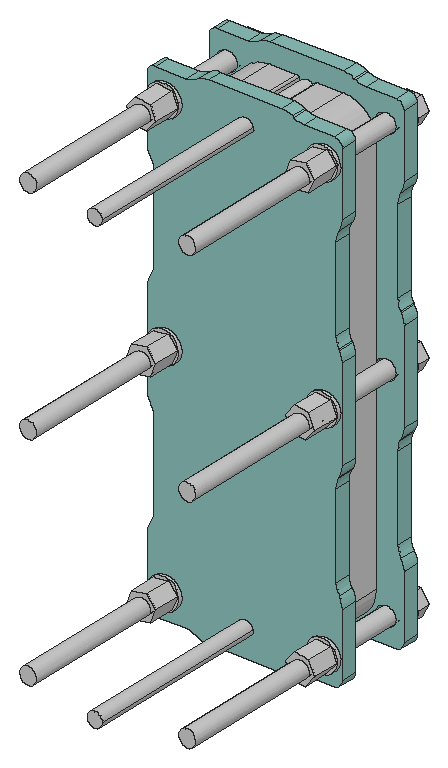
Revit family "Ekin_Endüstriyel - MIT505", category Specialty Equipment, Revit 2022
Family settings
  Round Connector Dimension = Use Diameter
  Part Type = Normal
  Work Plane-Based = No
  Always vertical = No
  Cut with Voids When Loaded = No
  Maintain Annotation Orientation = No
  Shared = No
  Room Calculation Point = No
Parameters (values of type "Threaded")
  URL = "https://en.ekinendustriyel.com/plate-heat-exchanger"
  Type Comments = ""
  Tightening Bolt [instance] = if(Design Pressure < 10.0 bar, 16.00 mm, 16.00 mm)  # 16.00 mm
  Thickness_of_Plate [instance] = 0.50 mm  # constant formula
  Number_of_Plate [instance] = 20
  Model = if(Hygienic, if(Design Pressure < 11.0 bar, "H12340000DD30L", if(Design Pressure < 16.0 bar, " H12340000DD30M", " H12340000DD30H")), if(Design Pressure < 10.0 bar, "E12340000DD30L", if(Design Pressure < 16.0 bar, " E12340000DD30M", " E12340000DD30H")))  # "E12340000DD30L"
  Material = Galvanized Steel- S235JR
  Manufacturer = "Ekin Endüstriyel"
  Lk [instance] = (Number_of_Plate) * ((Thickness_of_Plate) + 2.40 mm)  # 58.00 mm
  Lh [instance] = 477.00 mm  # constant formula
  Lf [instance] = 477.00 mm  # constant formula
  Lc [instance] = if(Number_of_Plate < 46, 250.00 mm, if(Number_of_Plate < 71, 350.00 mm, 500.00 mm))  # 250.00 mm
  La [instance] = 184.00 mm  # constant formula
  Keynote = ""
  Industrial = not(Hygienic)  # yes
  Hygienic = no
  Head & Follower Plate [instance] = if(Design Pressure < 10.0 bar, 15.00 mm, 20.00 mm)  # 15.00 mm
  Follower Plate [instance] = -(Head & Follower Plate)  # -15.00 mm
  Design Pressure = 6.89476 bar
  Description = if(Design Pressure < 10.0663 bar, "MIT - Heat Exchanger - 10 bar", if(Design Pressure < 15.9958 bar, " MIT - Heat Exchanger - 16 bar", " MIT - Heat Exchanger - 25 bar"))  # "MIT - Heat Exchanger - 10 bar"
  Default Elevation = 0.00 mm
Reference planes
  plane 1 "Center (Front/Back)": y = 0
  plane 2: z = 0
  plane 3 "Center (Left/Right)": x = 0
  plane 4: x = 1160
  plane 5: x = -1000
  plane 6 "2": y = -73
  plane 7 "1": y = -15
  plane 8 "3": y = -265
  plane 9 "Bolt End": y = 18.7
  plane 10: y = -250
Forms (mm)
  Extrusion 1, solid, material "Galvanized Steel", detail levels fine
    sketch origin (4.063, 0, 0) x (1, 0, 0) y (0, 0, 1)
      loop
        arc (87.937, 281.999) -> (87.255, 287.175) -> (85.257, 291.999) r 20
        line (85.257, 291.999) -> (84.616, 293.109)
        arc (84.616, 293.109) -> (82.618, 297.933) -> (81.937, 303.109) r 20
        line (81.937, 303.109) -> (81.937, 382.391)
        arc (81.937, 382.391) -> (82.704, 387.876) -> (84.946, 392.941) r 20
        arc (84.946, 392.941) -> (87.17, 398.016) -> (87.937, 403.501) r 20
        line (87.937, 403.501) -> (87.937, 463.5)
        arc (87.937, 463.5) -> (85.74, 468.803) -> (80.437, 471) r 7.5
        line (80.437, 471) -> (51.688, 471)
        arc (51.688, 471) -> (46.512, 471.681) -> (41.688, 473.679) r 20
        line (41.688, 473.679) -> (40.578, 474.321)
        arc (40.578, 474.321) -> (35.754, 476.319) -> (30.578, 477) r 20
        line (30.578, 477) -> (-38.704, 477)
        arc (-38.704, 477) -> (-43.88, 476.319) -> (-48.704, 474.321) r 20
        line (-48.704, 474.321) -> (-49.814, 473.679)
        arc (-49.814, 473.679) -> (-54.638, 471.681) -> (-59.814, 471) r 20
        line (-59.814, 471) -> (-88.563, 471)
        arc (-88.563, 471) -> (-93.866, 468.803) -> (-96.063, 463.5) r 7.5
        line (-96.063, 463.5) -> (-96.063, 403.501)
        arc (-96.063, 403.501) -> (-95.296, 398.016) -> (-93.054, 392.952) r 20
        arc (-93.054, 392.952) -> (-90.83, 387.876) -> (-90.063, 382.391) r 20
        line (-90.063, 382.391) -> (-90.063, 303.109)
        arc (-90.063, 303.109) -> (-90.745, 297.933) -> (-92.743, 293.109) r 20
        line (-92.743, 293.109) -> (-93.384, 291.999)
        arc (-93.384, 291.999) -> (-95.382, 287.175) -> (-96.063, 281.999) r 20
        line (-96.063, 281.999) -> (-96.063, 195.001)
        arc (-96.063, 195.001) -> (-95.382, 189.825) -> (-93.384, 185.001) r 20
        line (-93.384, 185.001) -> (-92.743, 183.891)
        arc (-92.743, 183.891) -> (-90.745, 179.067) -> (-90.063, 173.891) r 20
        line (-90.063, 173.891) -> (-90.063, 94.609)
        arc (-90.063, 94.609) -> (-90.83, 89.124) -> (-93.072, 84.059) r 20
        arc (-93.072, 84.059) -> (-95.296, 78.984) -> (-96.063, 73.499) r 20
        line (-96.063, 73.499) -> (-96.063, 13.5)
        arc (-96.063, 13.5) -> (-93.866, 8.197) -> (-88.563, 6) r 7.5
        line (-88.563, 6) -> (-59.814, 6)
        arc (-59.814, 6) -> (-54.638, 5.319) -> (-49.814, 3.321) r 20
        line (-49.814, 3.321) -> (-48.704, 2.679)
        arc (-48.704, 2.679) -> (-43.88, 0.681) -> (-38.704, 0) r 20
        line (-38.704, 0) -> (30.578, 0)
        arc (30.578, 0) -> (35.754, 0.681) -> (40.578, 2.679) r 20
        line (40.578, 2.679) -> (41.688, 3.321)
        arc (41.688, 3.321) -> (46.512, 5.319) -> (51.688, 6) r 20
        line (51.688, 6) -> (80.437, 6)
        arc (80.437, 6) -> (85.74, 8.197) -> (87.937, 13.5) r 7.5
        line (87.937, 13.5) -> (87.937, 73.499)
        arc (87.937, 73.499) -> (87.17, 78.984) -> (84.928, 84.048) r 20
        arc (84.928, 84.048) -> (82.704, 89.124) -> (81.937, 94.609) r 20
        line (81.937, 94.609) -> (81.937, 173.891)
        arc (81.937, 173.891) -> (82.618, 179.067) -> (84.616, 183.891) r 20
        line (84.616, 183.891) -> (85.257, 185.001)
        arc (85.257, 185.001) -> (87.255, 189.825) -> (87.937, 195.001) r 20
        line (87.937, 195.001) -> (87.937, 281.999)
      loop
        circle (70.937, 447) r 9.5
      loop
        circle (70.937, 238.5) r 9.5
      loop
        circle (70.937, 30) r 9.5
      loop
        circle (-4.063, 26) r 7
      loop
        circle (-4.063, 451) r 7
      loop
        circle (25.687, 417) r 21.25
      loop
        circle (25.687, 60) r 21.25
      loop
        circle (-79.063, 447) r 9.5
      loop
        circle (-79.063, 238.5) r 9.5
      loop
        circle (-79.063, 30) r 9.5
      loop
        circle (-33.813, 417) r 21.25
      loop
        circle (-33.813, 60) r 21.25
    from 0 to 15
  Extrusion 2, solid, material "Galvanized Steel", detail levels fine
    sketch origin (4.063, -73, 0) x (-1, 0, 0) y (0, 0, 1)
      loop
        line (-87.937, 281.999) -> (-87.937, 195.001)
        arc (-87.937, 195.001) -> (-87.255, 189.825) -> (-85.257, 185.001) r 20
        line (-85.257, 185.001) -> (-84.616, 183.891)
        arc (-84.616, 183.891) -> (-82.618, 179.067) -> (-81.937, 173.891) r 20
        line (-81.937, 173.891) -> (-81.937, 94.609)
        arc (-81.937, 94.609) -> (-82.704, 89.124) -> (-84.928, 84.048) r 20
        arc (-84.928, 84.048) -> (-87.17, 78.984) -> (-87.937, 73.499) r 20
        line (-87.937, 73.499) -> (-87.937, 13.5)
        arc (-87.937, 13.5) -> (-85.74, 8.197) -> (-80.437, 6) r 7.5
        line (-80.437, 6) -> (-51.688, 6)
        arc (-51.688, 6) -> (-46.512, 5.319) -> (-41.688, 3.321) r 20
        line (-41.688, 3.321) -> (-40.578, 2.679)
        arc (-40.578, 2.679) -> (-35.754, 0.681) -> (-30.578, 0) r 20
        line (-30.578, 0) -> (38.704, 0)
        arc (38.704, 0) -> (43.88, 0.681) -> (48.704, 2.679) r 20
        line (48.704, 2.679) -> (49.814, 3.321)
        arc (49.814, 3.321) -> (54.638, 5.319) -> (59.814, 6) r 20
        line (59.814, 6) -> (88.563, 6)
        arc (88.563, 6) -> (93.866, 8.197) -> (96.063, 13.5) r 7.5
        line (96.063, 13.5) -> (96.063, 73.499)
        arc (96.063, 73.499) -> (95.296, 78.984) -> (93.072, 84.059) r 20
        arc (93.072, 84.059) -> (90.83, 89.124) -> (90.063, 94.609) r 20
        line (90.063, 94.609) -> (90.063, 173.891)
        arc (90.063, 173.891) -> (90.745, 179.067) -> (92.743, 183.891) r 20
        line (92.743, 183.891) -> (93.384, 185.001)
        arc (93.384, 185.001) -> (95.382, 189.825) -> (96.063, 195.001) r 20
        line (96.063, 195.001) -> (96.063, 281.999)
        arc (96.063, 281.999) -> (95.382, 287.175) -> (93.384, 291.999) r 20
        line (93.384, 291.999) -> (92.743, 293.109)
        arc (92.743, 293.109) -> (90.745, 297.933) -> (90.063, 303.109) r 20
        line (90.063, 303.109) -> (90.063, 382.391)
        arc (90.063, 382.391) -> (90.83, 387.876) -> (93.054, 392.952) r 20
        arc (93.054, 392.952) -> (95.296, 398.016) -> (96.063, 403.501) r 20
        line (96.063, 403.501) -> (96.063, 463.5)
        arc (96.063, 463.5) -> (93.866, 468.803) -> (88.563, 471) r 7.5
        line (88.563, 471) -> (59.814, 471)
        arc (59.814, 471) -> (54.638, 471.681) -> (49.814, 473.679) r 20
        line (49.814, 473.679) -> (48.704, 474.321)
        arc (48.704, 474.321) -> (43.88, 476.319) -> (38.704, 477) r 20
        line (38.704, 477) -> (-30.578, 477)
        arc (-30.578, 477) -> (-35.754, 476.319) -> (-40.578, 474.321) r 20
        line (-40.578, 474.321) -> (-41.688, 473.679)
        arc (-41.688, 473.679) -> (-46.512, 471.681) -> (-51.688, 471) r 20
        line (-51.688, 471) -> (-80.437, 471)
        arc (-80.437, 471) -> (-85.74, 468.803) -> (-87.937, 463.5) r 7.5
        line (-87.937, 463.5) -> (-87.937, 403.501)
        arc (-87.937, 403.501) -> (-87.17, 398.016) -> (-84.946, 392.941) r 20
        arc (-84.946, 392.941) -> (-82.704, 387.876) -> (-81.937, 382.391) r 20
        line (-81.937, 382.391) -> (-81.937, 303.109)
        arc (-81.937, 303.109) -> (-82.618, 297.933) -> (-84.616, 293.109) r 20
        line (-84.616, 293.109) -> (-85.257, 291.999)
        arc (-85.257, 291.999) -> (-87.255, 287.175) -> (-87.937, 281.999) r 20
      loop
        circle (-70.937, 447) r 9.5
      loop
        circle (-70.937, 238.5) r 9.5
      loop
        circle (-70.937, 30) r 9.5
      loop
        circle (4.063, 26) r 7
      loop
        circle (4.063, 451) r 7
      loop
        circle (79.063, 447) r 9.5
      loop
        circle (79.063, 238.5) r 9.5
      loop
        circle (79.063, 30) r 9.5
    from 0 to -15 <- "Follower Plate"
  Extrusion 3, solid, material "AISI 316L/Titanium/Hastelloy", detail levels fine
    sketch origin (0, -15, 0) x (-1, 0, 0) y (0, 0, 1)
      loop
        line (-10, 458.5) -> (-35, 458.5)
        arc (-35, 458.5) -> (-56.213, 449.713) -> (-65, 428.5) r 30
        line (-65, 428.5) -> (-65, 48.5)
        arc (-65, 48.5) -> (-56.213, 27.287) -> (-35, 18.5) r 30
        line (-35, 18.5) -> (-10, 18.5)
        arc (-10, 18.5) -> (-8.586, 19.086) -> (-8, 20.5) r 2
        line (-8, 20.5) -> (-8, 26)
        arc (-8, 26) -> (0, 34) -> (8, 26) r 8
        line (8, 26) -> (8, 20.5)
        arc (8, 20.5) -> (8.586, 19.086) -> (10, 18.5) r 2
        line (10, 18.5) -> (35, 18.5)
        arc (35, 18.5) -> (56.213, 27.287) -> (65, 48.5) r 30
        line (65, 48.5) -> (65, 428.5)
        arc (65, 428.5) -> (56.213, 449.713) -> (35, 458.5) r 30
        line (35, 458.5) -> (10, 458.5)
        arc (10, 458.5) -> (8.586, 457.914) -> (8, 456.5) r 2
        line (8, 456.5) -> (8, 451)
        arc (8, 451) -> (0, 443) -> (-8, 451) r 8
        line (-8, 451) -> (-8, 456.5)
        arc (-8, 456.5) -> (-8.586, 457.914) -> (-10, 458.5) r 2
    from 0 to -58
  Extrusion 4, solid, material "Galvanized Steel- S235JR"
    sketch origin (0, 0, 0) x (1, 0, 0) y (0, 0, 1)
      loop
        circle (0, 451) r 7
      loop
        circle (0, 26) r 7
    from 0 to 265
  Extrusion 5, solid, material "Galvanized Steel- S235JR"
    sketch origin (0, 0, 0) x (1, 0, 0) y (0, 0, 1)
      loop
        circle (75, 447) r 8
      loop
        circle (-75, 447) r 8
      loop
        arc (78.932, 23.033) -> (68.054, 26.031) -> (70.994, 36.925) r 8
        arc (70.994, 36.925) -> (81.888, 33.993) -> (78.952, 23.1) r 7.976
      loop
        arc (-78.952, 36.9) -> (-68.063, 33.965) -> (-70.994, 23.075) r 7.976
        arc (-70.994, 23.075) -> (-81.946, 26.031) -> (-78.932, 36.967) r 8
      loop
        arc (78.932, 231.533) -> (68.054, 234.531) -> (70.994, 245.425) r 8
        arc (70.994, 245.425) -> (81.888, 242.493) -> (78.952, 231.6) r 7.976
      loop
        arc (-78.952, 245.4) -> (-68.063, 242.465) -> (-70.994, 231.575) r 7.976
        arc (-70.994, 231.575) -> (-81.946, 234.531) -> (-78.932, 245.467) r 8
    from 0 to 250
  Extrusion 6, solid, material "Galvanized Steel- S235JR", detail levels medium+fine
    sketch origin (0, 0, 0) x (1, 0, 0) y (0, 0, 1)
      loop
        circle (-75, 238.5) r 15
      loop
        circle (75, 30) r 15
      loop
        circle (-75, 30) r 15
      loop
        circle (75, 447) r 15
      loop
        circle (-75, 447) r 15
      loop
        circle (75, 238.5) r 15
    from 0 to -3.2
  Extrusion 7, solid, material "Galvanized Steel- S235JR", detail levels fine
    sketch origin (4.063, -88, 0) x (1, 0, 0) y (0, 0, 1)
      loop
        line (84.653, 448.964) -> (76.094, 459.861) -> (62.377, 457.897) -> (57.221, 445.036) -> (65.78, 434.139) -> (79.496, 436.103) -> (84.653, 448.964)
      loop
        line (-92.779, 448.964) -> (-87.623, 436.103) -> (-73.906, 434.139) -> (-65.347, 445.036) -> (-70.504, 457.897) -> (-84.22, 459.861) -> (-92.779, 448.964)
      loop
        line (84.653, 28.036) -> (79.496, 40.897) -> (65.78, 42.861) -> (57.221, 31.964) -> (62.377, 19.103) -> (76.094, 17.139) -> (84.653, 28.036)
      loop
        line (-92.779, 28.036) -> (-84.22, 17.139) -> (-70.504, 19.103) -> (-65.347, 31.964) -> (-73.906, 42.861) -> (-87.623, 40.897) -> (-92.779, 28.036)
      loop
        line (84.653, 236.536) -> (79.496, 249.397) -> (65.78, 251.361) -> (57.221, 240.464) -> (62.377, 227.603) -> (76.094, 225.639) -> (84.653, 236.536)
      loop
        line (-92.779, 236.536) -> (-84.22, 225.639) -> (-70.504, 227.603) -> (-65.347, 240.464) -> (-73.906, 251.361) -> (-87.623, 249.397) -> (-92.779, 236.536)
    from 3.2 to 28.7
  Extrusion 8, solid, material "Galvanized Steel- S235JR", detail levels fine
    sketch origin (4.063, -88, 0) x (1, 0, 0) y (0, 0, 1)
      loop
        circle (70.937, 447) r 15
      loop
        circle (70.937, 30) r 15
      loop
        circle (-79.063, 30) r 15
      loop
        circle (-79.063, 238.5) r 15
      loop
        circle (-79.063, 447) r 15
      loop
        circle (70.937, 238.5) r 15
    from 3.2 to 0
  Extrusion 9, solid, material "Galvanized Steel- S235JR", detail levels medium+fine
    sketch origin (0, 0, 0) x (1, 0, 0) y (0, 0, 1)
      loop
        line (82.045, 458.932) -> (68.189, 459.067) -> (61.144, 447.135) -> (67.955, 435.068) -> (81.811, 434.933) -> (88.856, 446.865) -> (82.045, 458.932)
      loop
        line (-82.045, 458.932) -> (-88.856, 446.865) -> (-81.811, 434.933) -> (-67.955, 435.068) -> (-61.144, 447.135) -> (-68.189, 459.067) -> (-82.045, 458.932)
      loop
        line (82.045, 18.068) -> (88.856, 30.135) -> (81.811, 42.067) -> (67.955, 41.932) -> (61.144, 29.865) -> (68.189, 17.933) -> (82.045, 18.068)
      loop
        line (-82.045, 18.068) -> (-68.189, 17.933) -> (-61.144, 29.865) -> (-67.955, 41.932) -> (-81.811, 42.067) -> (-88.856, 30.135) -> (-82.045, 18.068)
      loop
        line (82.045, 226.535) -> (88.856, 238.602) -> (81.811, 250.534) -> (67.955, 250.399) -> (61.144, 238.332) -> (68.189, 226.4) -> (82.045, 226.535)
      loop
        line (-82.045, 226.535) -> (-68.189, 226.4) -> (-61.144, 238.332) -> (-67.955, 250.399) -> (-81.811, 250.534) -> (-88.856, 238.602) -> (-82.045, 226.535)
    from -17.7 to -3.2
  Revolve 10, solid, material "Painted Stell", detail levels fine
    sketch origin (4.75, -12.95, 417) x (1, 0, 0) y (0, 1, 0)
      loop
        line (45.503, 47.89) -> (43.573, 47.89) -> (42.376, 45.07) -> (42.376, -2.05) -> (40.74, -2.05) -> (40.74, -60.05) -> (46.201, -60.05) -> (46.201, 28.39) -> (45.611, 28.903) -> (46.201, 29.416) -> (45.611, 29.929) -> (46.201, 30.442) -> (45.611, 30.955) -> (46.201, 31.468) -> (45.611, 31.98) -> (46.201, 32.493) -> (45.611, 33.006) -> (46.201, 33.519) -> (45.611, 34.032) -> (46.201, 34.545) -> (45.611, 35.178) -> (46.201, 35.691) -> (45.611, 36.204) -> (46.201, 36.716) -> (45.611, 37.229) -> (46.201, 37.742) -> (45.611, 38.255) -> (46.201, 38.768) -> (45.611, 39.281) -> (46.201, 39.794) -> (45.611, 40.307) -> (46.201, 40.82) -> (45.611, 41.333) -> (46.201, 41.845) -> (45.611, 42.358) -> (46.201, 42.871) -> (45.611, 43.384) -> (46.201, 43.897) -> (45.611, 44.41) -> (46.201, 44.923) -> (45.611, 45.436) -> (46.201, 45.949) -> (45.611, 46.462) -> (46.201, 47.116) -> (45.503, 47.89)
      axis (25, -60.05) -> (25, 47.89)
    angle from 0 to 360
  Revolve 11, solid, material "Painted Stell", detail levels fine
    sketch origin (-4.75, -12.95, 417) x (-1, 0, 0) y (0, -1, 0)
      loop
        line (45.503, -47.89) -> (46.201, -47.116) -> (45.611, -46.462) -> (46.201, -45.949) -> (45.611, -45.436) -> (46.201, -44.923) -> (45.611, -44.41) -> (46.201, -43.897) -> (45.611, -43.384) -> (46.201, -42.871) -> (45.611, -42.358) -> (46.201, -41.845) -> (45.611, -41.333) -> (46.201, -40.82) -> (45.611, -40.307) -> (46.201, -39.794) -> (45.611, -39.281) -> (46.201, -38.768) -> (45.611, -38.255) -> (46.201, -37.742) -> (45.611, -37.229) -> (46.201, -36.716) -> (45.611, -36.204) -> (46.201, -35.691) -> (45.611, -35.178) -> (46.201, -34.545) -> (45.611, -34.032) -> (46.201, -33.519) -> (45.611, -33.006) -> (46.201, -32.493) -> (45.611, -31.98) -> (46.201, -31.468) -> (45.611, -30.955) -> (46.201, -30.442) -> (45.611, -29.929) -> (46.201, -29.416) -> (45.611, -28.903) -> (46.201, -28.39) -> (46.201, 60.05) -> (40.74, 60.05) -> (40.74, 2.05) -> (42.376, 2.05) -> (42.376, -45.07) -> (43.573, -47.89) -> (45.503, -47.89)
      axis (25, 60.05) -> (25, -47.89)
    angle from 0 to 360
  Revolve 12, solid, material "Painted Stell", detail levels fine
    sketch origin (4.75, -12.95, 60) x (0, -1, 0) y (1, 0, 0)
      loop
        line (-47.89, 45.503) -> (-47.89, 43.573) -> (-45.07, 42.376) -> (2.05, 42.376) -> (2.05, 40.74) -> (60.05, 40.74) -> (60.05, 46.201) -> (-28.39, 46.201) -> (-28.903, 45.611) -> (-29.416, 46.201) -> (-29.929, 45.611) -> (-30.442, 46.201) -> (-30.955, 45.611) -> (-31.468, 46.201) -> (-31.98, 45.611) -> (-32.493, 46.201) -> (-33.006, 45.611) -> (-33.519, 46.201) -> (-34.032, 45.611) -> (-34.545, 46.201) -> (-35.178, 45.611) -> (-35.691, 46.201) -> (-36.204, 45.611) -> (-36.716, 46.201) -> (-37.229, 45.611) -> (-37.742, 46.201) -> (-38.255, 45.611) -> (-38.768, 46.201) -> (-39.281, 45.611) -> (-39.794, 46.201) -> (-40.307, 45.611) -> (-40.82, 46.201) -> (-41.333, 45.611) -> (-41.845, 46.201) -> (-42.358, 45.611) -> (-42.871, 46.201) -> (-43.384, 45.611) -> (-43.897, 46.201) -> (-44.41, 45.611) -> (-44.923, 46.201) -> (-45.436, 45.611) -> (-45.949, 46.201) -> (-46.462, 45.611) -> (-47.116, 46.201) -> (-47.89, 45.503)
      axis (60.05, 25) -> (-47.89, 25)
    angle from 0 to 360
  Revolve 13, solid, material "Painted Stell", detail levels fine
    sketch origin (-4.75, -12.95, 60) x (0, 1, 0) y (-1, 0, 0)
      loop
        line (47.89, 45.503) -> (47.116, 46.201) -> (46.462, 45.611) -> (45.949, 46.201) -> (45.436, 45.611) -> (44.923, 46.201) -> (44.41, 45.611) -> (43.897, 46.201) -> (43.384, 45.611) -> (42.871, 46.201) -> (42.358, 45.611) -> (41.845, 46.201) -> (41.333, 45.611) -> (40.82, 46.201) -> (40.307, 45.611) -> (39.794, 46.201) -> (39.281, 45.611) -> (38.768, 46.201) -> (38.255, 45.611) -> (37.742, 46.201) -> (37.229, 45.611) -> (36.716, 46.201) -> (36.204, 45.611) -> (35.691, 46.201) -> (35.178, 45.611) -> (34.545, 46.201) -> (34.032, 45.611) -> (33.519, 46.201) -> (33.006, 45.611) -> (32.493, 46.201) -> (31.98, 45.611) -> (31.468, 46.201) -> (30.955, 45.611) -> (30.442, 46.201) -> (29.929, 45.611) -> (29.416, 46.201) -> (28.903, 45.611) -> (28.39, 46.201) -> (-60.05, 46.201) -> (-60.05, 40.74) -> (-2.05, 40.74) -> (-2.05, 42.376) -> (45.07, 42.376) -> (47.89, 43.573) -> (47.89, 45.503)
      axis (-60.05, 25) -> (47.89, 25)
    angle from 0 to 360
  Extrusion 14, solid, material "Galvanized Steel", detail levels medium
    sketch origin (4.063, 0, 0) x (1, 0, 0) y (0, 0, 1)
      loop
        line (87.937, 13.5) -> (87.937, 463.5)
        arc (87.937, 463.5) -> (85.74, 468.803) -> (80.437, 471) r 7.5
        line (80.437, 471) -> (51.688, 471)
        arc (51.688, 471) -> (46.512, 471.681) -> (41.688, 473.679) r 20
        line (41.688, 473.679) -> (40.578, 474.321)
        arc (40.578, 474.321) -> (35.754, 476.319) -> (30.578, 477) r 20
        line (30.578, 477) -> (-38.704, 477)
        arc (-38.704, 477) -> (-43.88, 476.319) -> (-48.704, 474.321) r 20
        line (-48.704, 474.321) -> (-49.814, 473.679)
        arc (-49.814, 473.679) -> (-54.638, 471.681) -> (-59.814, 471) r 20
        line (-59.814, 471) -> (-88.563, 471)
        arc (-88.563, 471) -> (-93.866, 468.803) -> (-96.063, 463.5) r 7.5
        line (-96.063, 463.5) -> (-96.063, 13.5)
        arc (-96.063, 13.5) -> (-93.866, 8.197) -> (-88.563, 6) r 7.5
        line (-88.563, 6) -> (-59.814, 6)
        arc (-59.814, 6) -> (-54.638, 5.319) -> (-49.814, 3.321) r 20
        line (-49.814, 3.321) -> (-48.704, 2.679)
        arc (-48.704, 2.679) -> (-43.88, 0.681) -> (-38.704, 0) r 20
        line (-38.704, 0) -> (30.578, 0)
        arc (30.578, 0) -> (35.754, 0.681) -> (40.578, 2.679) r 20
        line (40.578, 2.679) -> (41.688, 3.321)
        arc (41.688, 3.321) -> (46.512, 5.319) -> (51.688, 6) r 20
        line (51.688, 6) -> (80.437, 6)
        arc (80.437, 6) -> (85.74, 8.197) -> (87.937, 13.5) r 7.5
      loop
        circle (70.937, 447) r 9.5
      loop
        circle (70.937, 238.5) r 9.5
      loop
        circle (70.937, 30) r 9.5
      loop
        circle (-4.063, 26) r 7
      loop
        circle (-4.063, 451) r 7
      loop
        circle (25.687, 417) r 21.25
      loop
        circle (25.687, 60) r 21.25
      loop
        circle (-79.063, 447) r 9.5
      loop
        circle (-79.063, 238.5) r 9.5
      loop
        circle (-79.063, 30) r 9.5
      loop
        circle (-33.813, 417) r 21.25
      loop
        circle (-33.813, 60) r 21.25
    from 0 to 15
  Extrusion 15, solid, material "Galvanized Steel", detail levels medium
    sketch origin (4.063, -73, 0) x (-1, 0, 0) y (0, 0, 1)
      loop
        line (-87.937, 463.5) -> (-87.937, 13.5)
        arc (-87.937, 13.5) -> (-85.74, 8.197) -> (-80.437, 6) r 7.5
        line (-80.437, 6) -> (-51.688, 6)
        arc (-51.688, 6) -> (-46.512, 5.319) -> (-41.688, 3.321) r 20
        line (-41.688, 3.321) -> (-40.578, 2.679)
        arc (-40.578, 2.679) -> (-35.754, 0.681) -> (-30.578, 0) r 20
        line (-30.578, 0) -> (38.704, 0)
        arc (38.704, 0) -> (43.88, 0.681) -> (48.704, 2.679) r 20
        line (48.704, 2.679) -> (49.814, 3.321)
        arc (49.814, 3.321) -> (54.638, 5.319) -> (59.814, 6) r 20
        line (59.814, 6) -> (88.563, 6)
        arc (88.563, 6) -> (93.866, 8.197) -> (96.063, 13.5) r 7.5
        line (96.063, 13.5) -> (96.063, 463.5)
        arc (96.063, 463.5) -> (93.866, 468.803) -> (88.563, 471) r 7.5
        line (88.563, 471) -> (59.814, 471)
        arc (59.814, 471) -> (54.638, 471.681) -> (49.814, 473.679) r 20
        line (49.814, 473.679) -> (48.704, 474.321)
        arc (48.704, 474.321) -> (43.88, 476.319) -> (38.704, 477) r 20
        line (38.704, 477) -> (-30.578, 477)
        arc (-30.578, 477) -> (-35.754, 476.319) -> (-40.578, 474.321) r 20
        line (-40.578, 474.321) -> (-41.688, 473.679)
        arc (-41.688, 473.679) -> (-46.512, 471.681) -> (-51.688, 471) r 20
        line (-51.688, 471) -> (-80.437, 471)
        arc (-80.437, 471) -> (-85.74, 468.803) -> (-87.937, 463.5) r 7.5
      loop
        circle (-70.937, 447) r 9.5
      loop
        circle (-70.937, 238.5) r 9.5
      loop
        circle (-70.937, 30) r 9.5
      loop
        circle (4.063, 26) r 7
      loop
        circle (4.063, 451) r 7
      loop
        circle (79.063, 447) r 9.5
      loop
        circle (79.063, 238.5) r 9.5
      loop
        circle (79.063, 30) r 9.5
    from 0 to -15 <- "Follower Plate"
  Extrusion 16, solid, material "AISI 316L/Titanium/Hastelloy", detail levels medium
    sketch origin (0, -15, 0) x (-1, 0, 0) y (0, 0, 1)
      loop
        line (-10, 458.5) -> (-35, 458.5) -> (-65, 428.5) -> (-65, 48.5) -> (-35, 18.5) -> (-10, 18.5)
        arc (-10, 18.5) -> (-8.586, 19.086) -> (-8, 20.5) r 2
        line (-8, 20.5) -> (-8, 26)
        arc (-8, 26) -> (0, 34) -> (8, 26) r 8
        line (8, 26) -> (8, 20.5)
        arc (8, 20.5) -> (8.586, 19.086) -> (10, 18.5) r 2
        line (10, 18.5) -> (35, 18.5) -> (65, 48.5) -> (65, 428.5) -> (35, 458.5) -> (10, 458.5)
        arc (10, 458.5) -> (8.586, 457.914) -> (8, 456.5) r 2
        line (8, 456.5) -> (8, 451)
        arc (8, 451) -> (0, 443) -> (-8, 451) r 8
        line (-8, 451) -> (-8, 456.5)
        arc (-8, 456.5) -> (-8.586, 457.914) -> (-10, 458.5) r 2
    from 0 to -58
  Revolve 17, solid, material "Painted Stell", detail levels medium
    sketch origin (4.75, -12.95, 417) x (1, 0, 0) y (0, 1, 0)
      loop
        line (46.201, 47.89) -> (40.74, 47.89) -> (40.74, -60.05) -> (46.201, -60.05) -> (46.201, 47.89)
      axis (25, -60.05) -> (25, 47.89)
    angle from 0 to 360
  Revolve 18, solid, material "Painted Stell", detail levels medium
    sketch origin (-4.75, -12.95, 417) x (-1, 0, 0) y (0, -1, 0)
      loop
        line (46.201, -47.89) -> (46.201, 60.05) -> (40.74, 60.05) -> (40.74, -47.89) -> (46.201, -47.89)
      axis (25, 60.05) -> (25, -47.89)
    angle from 0 to 360
  Revolve 19, solid, material "Painted Stell", detail levels medium
    sketch origin (4.75, -12.95, 60) x (0, -1, 0) y (1, 0, 0)
      loop
        line (-47.89, 46.201) -> (-47.89, 40.74) -> (60.05, 40.74) -> (60.05, 46.201) -> (-47.89, 46.201)
      axis (60.05, 25) -> (-47.89, 25)
    angle from 0 to 360
  Revolve 20, solid, material "Painted Stell", detail levels medium
    sketch origin (-4.75, -12.95, 60) x (0, 1, 0) y (-1, 0, 0)
      loop
        line (47.89, 46.201) -> (-60.05, 46.201) -> (-60.05, 40.74) -> (47.89, 40.74) -> (47.89, 46.201)
      axis (-60.05, 25) -> (47.89, 25)
    angle from 0 to 360
  Extrusion 21, solid, material "Galvanized Steel", detail levels coarse
    sketch origin (4.063, 0, 0) x (1, 0, 0) y (0, 0, 1)
      loop
        line (87.937, 0) -> (87.937, 477) -> (-96.063, 477) -> (-96.063, 0) -> (87.937, 0)
      loop
        circle (70.937, 447) r 9.5
      loop
        circle (70.937, 238.5) r 9.5
      loop
        circle (70.937, 30) r 9.5
      loop
        circle (-4.063, 26) r 7
      loop
        circle (-4.063, 451) r 7
      loop
        circle (-79.063, 447) r 9.5
      loop
        circle (-79.063, 238.5) r 9.5
      loop
        circle (-79.063, 30) r 9.5
    from 0 to 15
  Extrusion 22, solid, material "Galvanized Steel", detail levels coarse
    sketch origin (4.063, -73, 0) x (-1, 0, 0) y (0, 0, 1)
      loop
        line (-87.937, 477) -> (-87.937, 0) -> (96.063, 0) -> (96.063, 477) -> (-87.937, 477)
      loop
        circle (-70.937, 447) r 9.5
      loop
        circle (-70.937, 238.5) r 9.5
      loop
        circle (-70.937, 30) r 9.5
      loop
        circle (4.063, 26) r 7
      loop
        circle (4.063, 451) r 7
      loop
        circle (79.063, 447) r 9.5
      loop
        circle (79.063, 238.5) r 9.5
      loop
        circle (79.063, 30) r 9.5
    from 0 to -15 <- "Follower Plate"
  Extrusion 23, solid, material "AISI 316L/Titanium/Hastelloy", detail levels coarse
    sketch origin (0, -15, 0) x (-1, 0, 0) y (0, 0, 1)
      loop
        line (-10, 458.5) -> (-65, 458.5) -> (-65, 18.5) -> (-10, 18.5)
        arc (-10, 18.5) -> (-8.586, 19.086) -> (-8, 20.5) r 2
        line (-8, 20.5) -> (-8, 26)
        arc (-8, 26) -> (0, 34) -> (8, 26) r 8
        line (8, 26) -> (8, 20.5)
        arc (8, 20.5) -> (8.586, 19.086) -> (10, 18.5) r 2
        line (10, 18.5) -> (65, 18.5) -> (65, 458.5) -> (10, 458.5)
        arc (10, 458.5) -> (8.586, 457.914) -> (8, 456.5) r 2
        line (8, 456.5) -> (8, 451)
        arc (8, 451) -> (0, 443) -> (-8, 451) r 8
        line (-8, 451) -> (-8, 456.5)
        arc (-8, 456.5) -> (-8.586, 457.914) -> (-10, 458.5) r 2
    from 0 to -58
  Extrusion 24, solid, material "Painted Stell", detail levels coarse
    sketch origin (4.063, 0, 0) x (1, 0, 0) y (0, 0, 1)
      loop
        circle (25.687, 417) r 21.25
      loop
        circle (-33.813, 417) r 21.25
      loop
        circle (-33.813, 60) r 21.25
      loop
        circle (25.687, 60) r 21.25
    from 0 to -35
Dimensions and locks
  "Lk": plane 7 "1" to plane 6 "2"
  "Head & Follower Plate": plane 1 "Center (Front/Back)" to plane 7 "1"
  "Lc": plane 7 "1" to plane 8 "3"
  "Lc": plane 10 to plane 1 "Center (Front/Back)"
  aligned and locked: level to plane 2
  aligned and locked: Extrusion 1 to plane 7 "1"
  aligned and locked: Extrusion 1 to plane 1 "Center (Front/Back)"
  aligned and locked: Extrusion 3 to plane 6 "2"
  aligned and locked: plane 7 "1" to Extrusion 3
  aligned and locked: Extrusion 4 to plane 1 "Center (Front/Back)"
  aligned and locked: plane 10 to Extrusion 5
  aligned and locked: Extrusion 5 to plane 1 "Center (Front/Back)"
  aligned and locked: Extrusion 4 to plane 8 "3"
  aligned and locked: Revolve 10 sketch curve to Extrusion 1
  aligned and locked: Extrusion 16 to Extrusion 15
  aligned and locked: Extrusion 23 to Extrusion 22
  aligned and locked: Extrusion 16 to Extrusion 21
  aligned and locked: Extrusion 23 to Extrusion 21
  aligned and locked: Extrusion 14 to plane 7 "1"
  aligned and locked: Extrusion 21 to plane 7 "1"
Automatic sketch dimensions
  Extrusion 1 sketch curve to Extrusion 1 sketch curve = 0.00 mm  (x26)
  Extrusion 1 sketch curve to level = 0.00 mm
  Extrusion 1 sketch curve to plane 3 "Center (Left/Right)" = 0.00 mm  (x2)
  Extrusion 1 sketch curve to plane 3 "Center (Left/Right)" = 29.75 mm  (x2)
  Extrusion 1 sketch curve to plane 3 "Center (Left/Right)" = 34.641 mm  (x2)
  Extrusion 1 sketch curve to Extrusion 1 sketch curve = 10.00 mm  (x8)
  level to Extrusion 1 sketch curve = 2.679 mm  (x2)
  level to Extrusion 1 sketch curve = 3.321 mm  (x2)
  Extrusion 1 sketch curve to Extrusion 1 sketch curve = 1.11 mm  (x8)
  Extrusion 1 sketch curve to plane 3 "Center (Left/Right)" = 72.00 mm  (x2)
  Extrusion 1 sketch curve to Extrusion 1 sketch curve = 42.25 mm  (x4)
  Extrusion 1 sketch curve to Extrusion 1 sketch curve = 19.249 mm  (x4)
  Extrusion 1 sketch curve to Extrusion 1 sketch curve = 3.00 mm  (x2)
  Extrusion 1 sketch curve to Extrusion 1 sketch curve = 9.50 mm  (x10)
  Extrusion 1 sketch curve to Extrusion 1 sketch curve = 14.00 mm  (x4)
  Extrusion 1 sketch curve to Extrusion 1 sketch curve = 2.679 mm  (x8)
  Extrusion 1 sketch curve to Extrusion 1 sketch curve = 0.641 mm  (x5)
  Extrusion 1 sketch curve to Extrusion 1 sketch curve = 7.50 mm  (x3)
  Extrusion 1 sketch curve to Extrusion 1 sketch curve = 20.00 mm  (x5)
  Extrusion 1 sketch curve to Extrusion 1 sketch curve = 17.321 mm  (x4)
  plane 3 "Center (Left/Right)" to Extrusion 1 sketch curve = 29.75 mm  (x2)
  plane 3 "Center (Left/Right)" to Extrusion 1 sketch curve = 34.641 mm  (x2)
  plane 3 "Center (Left/Right)" to Extrusion 1 sketch curve = 72.00 mm  (x2)
  Extrusion 1 sketch curve to level = 14.00 mm  (x2)
  level to Extrusion 1 sketch curve = 26.00 mm
  Extrusion 1 sketch curve to Extrusion 1 sketch curve = 16.50 mm  (x4)
  Extrusion 1 sketch curve to Extrusion 1 sketch curve = 40.00 mm
  Extrusion 1 sketch curve to Extrusion 1 sketch curve = 13.499 mm  (x3)
  Extrusion 1 sketch curve to Extrusion 1 sketch curve = 21.11 mm  (x4)
  Extrusion 1 sketch curve to Extrusion 1 sketch curve = 79.282 mm  (x4)
  Extrusion 1 sketch curve to Extrusion 1 sketch curve = 43.499 mm  (x4)
  Extrusion 1 sketch curve to Extrusion 1 sketch curve = 30.00 mm  (x2)
  Extrusion 1 sketch curve to Extrusion 1 sketch curve = 34.00 mm
  Extrusion 1 sketch curve to Extrusion 1 sketch curve = 6.00 mm  (x2)
  Extrusion 1 sketch curve to plane 3 "Center (Left/Right)" = 7.00 mm  (x2)
  Extrusion 1 sketch curve to plane 3 "Center (Left/Right)" = 8.50 mm  (x2)
  Extrusion 1 sketch curve to Extrusion 1 sketch curve = 3.009 mm  (x4)
  Extrusion 1 sketch curve to Extrusion 1 sketch curve = 0.017 mm  (x4)
  plane 3 "Center (Left/Right)" to Extrusion 1 sketch curve = 8.50 mm  (x2)
  Extrusion 2 sketch curve to Extrusion 2 sketch curve = 0.00 mm  (x16)
  Extrusion 2 sketch curve to level = 0.00 mm
  Extrusion 2 sketch curve to plane 3 "Center (Left/Right)" = 0.00 mm  (x2)
  plane 3 "Center (Left/Right)" to Extrusion 2 sketch curve = 34.641 mm  (x2)
  Extrusion 2 sketch curve to Extrusion 2 sketch curve = 10.00 mm  (x8)
  level to Extrusion 2 sketch curve = 2.679 mm  (x2)
  level to Extrusion 2 sketch curve = 3.321 mm  (x2)
  Extrusion 2 sketch curve to Extrusion 2 sketch curve = 1.11 mm  (x8)
  level to Extrusion 2 sketch curve = 6.00 mm
  Extrusion 2 sketch curve to Extrusion 2 sketch curve = 37.359 mm  (x4)
  plane 3 "Center (Left/Right)" to Extrusion 2 sketch curve = 72.00 mm  (x2)
  Extrusion 2 sketch curve to Extrusion 2 sketch curve = 19.249 mm  (x4)
  Extrusion 2 sketch curve to Extrusion 2 sketch curve = 3.00 mm  (x2)
  Extrusion 2 sketch curve to Extrusion 2 sketch curve = 9.50 mm  (x10)
  Extrusion 2 sketch curve to Extrusion 2 sketch curve = 14.00 mm  (x4)
  Extrusion 2 sketch curve to Extrusion 2 sketch curve = 2.679 mm  (x8)
  Extrusion 2 sketch curve to Extrusion 2 sketch curve = 0.641 mm  (x5)
  Extrusion 2 sketch curve to Extrusion 2 sketch curve = 7.50 mm  (x2)
  Extrusion 2 sketch curve to Extrusion 2 sketch curve = 20.00 mm  (x6)
  Extrusion 2 sketch curve to Extrusion 2 sketch curve = 17.321 mm  (x4)
  Extrusion 2 sketch curve to plane 3 "Center (Left/Right)" = 34.641 mm  (x2)
  Extrusion 2 sketch curve to plane 3 "Center (Left/Right)" = 72.00 mm  (x2)
  Extrusion 2 sketch curve to level = 14.00 mm
  level to Extrusion 2 sketch curve = 26.00 mm
  Extrusion 2 sketch curve to Extrusion 2 sketch curve = 16.50 mm  (x4)
  Extrusion 2 sketch curve to Extrusion 2 sketch curve = 43.499 mm  (x8)
  Extrusion 2 sketch curve to Extrusion 2 sketch curve = 21.11 mm  (x4)
  Extrusion 2 sketch curve to Extrusion 2 sketch curve = 79.282 mm  (x4)
  Extrusion 2 sketch curve to Extrusion 2 sketch curve = 4.00 mm
  Extrusion 2 sketch curve to Extrusion 2 sketch curve = 6.00 mm  (x2)
  plane 3 "Center (Left/Right)" to Extrusion 2 sketch curve = 7.00 mm  (x2)
  Extrusion 2 sketch curve to Extrusion 2 sketch curve = 3.009 mm  (x4)
  Extrusion 2 sketch curve to Extrusion 2 sketch curve = 0.017 mm  (x4)
  Extrusion 3 sketch curve to plane 3 "Center (Left/Right)" = 0.00 mm  (x2)
  plane 3 "Center (Left/Right)" to Extrusion 3 sketch curve = 8.00 mm  (x2)
  Extrusion 3 sketch curve to Extrusion 3 sketch curve = 2.00 mm  (x4)
  plane 3 "Center (Left/Right)" to Extrusion 3 sketch curve = 35.00 mm  (x2)
  Extrusion 3 sketch curve to Extrusion 3 sketch curve = 30.00 mm  (x2)
  Extrusion 3 sketch curve to plane 3 "Center (Left/Right)" = 35.00 mm  (x2)
  level to Extrusion 3 sketch curve = 18.50 mm  (x2)
  Extrusion 3 sketch curve to Extrusion 3 sketch curve = 5.50 mm  (x2)
  Extrusion 3 sketch curve to Extrusion 3 sketch curve = 380.00 mm
  Extrusion 3 sketch curve to Extrusion 3 sketch curve = 28.00 mm
  Extrusion 4 sketch curve to Extrusion 4 sketch curve = 0.00 mm  (x4)
  Extrusion 4 sketch curve to plane 3 "Center (Left/Right)" = 0.00 mm  (x2)
  level to Extrusion 4 sketch curve = 26.00 mm
  Extrusion 4 sketch curve to Extrusion 4 sketch curve = 425.00 mm
  Extrusion 4 sketch curve to plane 3 "Center (Left/Right)" = 7.00 mm  (x2)
  Extrusion 5 sketch curve to Extrusion 5 sketch curve = 0.00 mm  (x5)
  Extrusion 5 sketch curve to plane 3 "Center (Left/Right)" = 75.00 mm  (x3)
  level to Extrusion 5 sketch curve = 30.00 mm
  Extrusion 5 sketch curve to Extrusion 5 sketch curve = 0.024 mm  (x4)
  level to Extrusion 5 sketch curve = 30.014 mm
  plane 3 "Center (Left/Right)" to Extrusion 5 sketch curve = 74.976 mm  (x2)
  plane 3 "Center (Left/Right)" to Extrusion 5 sketch curve = 75.00 mm
  Extrusion 5 sketch curve to Extrusion 5 sketch curve = 0.014 mm  (x5)
  Extrusion 5 sketch curve to Extrusion 5 sketch curve = 208.486 mm
  Extrusion 5 sketch curve to Extrusion 5 sketch curve = 208.50 mm
  Extrusion 5 sketch curve to Extrusion 5 sketch curve = 3.932 mm  (x8)
  Extrusion 5 sketch curve to Extrusion 5 sketch curve = 0.019 mm  (x4)
  Extrusion 5 sketch curve to Extrusion 5 sketch curve = 3.982 mm  (x4)
  Extrusion 5 sketch curve to Extrusion 5 sketch curve = 6.90 mm
  Extrusion 5 sketch curve to Extrusion 5 sketch curve = 6.911 mm  (x2)
  Extrusion 5 sketch curve to Extrusion 5 sketch curve = 6.967 mm  (x3)
  Extrusion 6 sketch curve to Extrusion 6 sketch curve = 0.00 mm  (x14)
  Extrusion 6 sketch curve to plane 3 "Center (Left/Right)" = 75.00 mm  (x3)
  level to Extrusion 6 sketch curve = 30.00 mm  (x2)
  plane 3 "Center (Left/Right)" to Extrusion 6 sketch curve = 75.00 mm  (x3)
  Extrusion 6 sketch curve to Extrusion 6 sketch curve = 208.50 mm  (x2)
  Extrusion 6 sketch curve to Extrusion 6 sketch curve = 3.955 mm  (x12)
  Extrusion 6 sketch curve to Extrusion 6 sketch curve = 14.469 mm  (x6)
  Extrusion 2 to Extrusion 7 sketch curve = 2.716 mm  (x6)
  Extrusion 7 sketch curve to Extrusion 2 = 2.441 mm  (x6)
  Extrusion 7 sketch curve to Extrusion 2 = 5.843 mm  (x6)
  Extrusion 7 sketch curve to Extrusion 7 sketch curve = 13.716 mm  (x6)
  Extrusion 7 sketch curve to Extrusion 7 sketch curve = 8.559 mm  (x6)
  Extrusion 7 sketch curve to Extrusion 2 = 24.716 mm  (x3)
  Extrusion 7 sketch curve to Extrusion 7 sketch curve = 5.157 mm  (x3)
  Extrusion 7 sketch curve to Extrusion 2 = 11.139 mm  (x4)
  Extrusion 7 sketch curve to Extrusion 2 = 13.103 mm  (x4)
  Extrusion 7 sketch curve to Extrusion 7 sketch curve = 10.897 mm  (x10)
  Extrusion 7 sketch curve to Extrusion 7 sketch curve = 12.861 mm  (x10)
  Extrusion 7 sketch curve to Extrusion 7 sketch curve = 182.778 mm
  Extrusion 7 sketch curve to Extrusion 7 sketch curve = 0.00 mm
  Extrusion 7 sketch curve to Extrusion 7 sketch curve = 1.964 mm  (x4)
  Extrusion 7 sketch curve to Extrusion 2 = 36.861 mm  (x2)
  Extrusion 8 sketch curve to Extrusion 8 sketch curve = 0.00 mm  (x6)
  Extrusion 8 sketch curve to Extrusion 2 = 7.045 mm  (x6)
  Extrusion 8 sketch curve to Extrusion 2 = 14.955 mm  (x4)
  Extrusion 8 sketch curve to Extrusion 2 = 9.531 mm  (x2)
  Extrusion 9 sketch curve to plane 3 "Center (Left/Right)" = 88.856 mm  (x3)
  level to Extrusion 9 sketch curve = 30.135 mm  (x2)
  level to Extrusion 9 sketch curve = 18.068 mm  (x2)
  Extrusion 9 sketch curve to Extrusion 9 sketch curve = 6.811 mm  (x10)
  Extrusion 9 sketch curve to Extrusion 9 sketch curve = 7.045 mm  (x8)
  Extrusion 9 sketch curve to Extrusion 9 sketch curve = 13.856 mm  (x12)
  level to Extrusion 9 sketch curve = 17.933 mm  (x2)
  level to Extrusion 9 sketch curve = 29.865 mm  (x2)
  plane 3 "Center (Left/Right)" to Extrusion 9 sketch curve = 61.144 mm  (x3)
  Extrusion 9 sketch curve to Extrusion 9 sketch curve = 12.067 mm  (x10)
  Extrusion 9 sketch curve to Extrusion 9 sketch curve = 0.135 mm  (x10)
  Extrusion 9 sketch curve to Extrusion 9 sketch curve = 184.468 mm
  Extrusion 9 sketch curve to Extrusion 9 sketch curve = 0.00 mm  (x2)
  Extrusion 9 sketch curve to Extrusion 9 sketch curve = 11.932 mm  (x4)
  Extrusion 9 sketch curve to Extrusion 9 sketch curve = 184.399 mm
  Revolve 10 sketch curve to plane 6 "2" = 0.00 mm
  plane 3 "Center (Left/Right)" to Revolve 10 sketch curve = 45.49 mm
  Revolve 10 sketch curve to Revolve 10 sketch curve = 1.636 mm
  Revolve 10 sketch curve to Revolve 10 sketch curve = 1.197 mm
  Revolve 10 sketch curve to Revolve 10 sketch curve = 1.93 mm
  plane 9 "Bolt End" to Revolve 10 sketch curve = 5.579 mm
  Revolve 10 sketch curve to Revolve 10 sketch curve = 3.235 mm
  Revolve 10 sketch curve to plane 9 "Bolt End" = 2.747 mm
  Revolve 10 sketch curve to Revolve 10 sketch curve = 0.00 mm  (x16)
  plane 9 "Bolt End" to Revolve 10 sketch curve = 14.812 mm
  Revolve 10 sketch curve to Revolve 10 sketch curve = 0.108 mm
  Revolve 10 sketch curve to plane 9 "Bolt End" = 1.721 mm
  plane 9 "Bolt End" to Revolve 10 sketch curve = 13.786 mm
  Revolve 10 sketch curve to plane 9 "Bolt End" = 0.695 mm
  plane 9 "Bolt End" to Revolve 10 sketch curve = 12.76 mm
  plane 9 "Bolt End" to Revolve 10 sketch curve = 0.33 mm
  plane 9 "Bolt End" to Revolve 10 sketch curve = 11.734 mm
  plane 9 "Bolt End" to Revolve 10 sketch curve = 1.356 mm
  plane 9 "Bolt End" to Revolve 10 sketch curve = 10.708 mm
  plane 9 "Bolt End" to Revolve 10 sketch curve = 2.382 mm
  plane 9 "Bolt End" to Revolve 10 sketch curve = 9.683 mm
  plane 9 "Bolt End" to Revolve 10 sketch curve = 3.528 mm
  plane 9 "Bolt End" to Revolve 10 sketch curve = 4.554 mm
  plane 9 "Bolt End" to Revolve 10 sketch curve = 8.657 mm
  plane 9 "Bolt End" to Revolve 10 sketch curve = 7.631 mm
  plane 9 "Bolt End" to Revolve 10 sketch curve = 6.605 mm
  plane 9 "Bolt End" to Revolve 10 sketch curve = 7.118 mm
  Revolve 10 sketch curve to Revolve 10 sketch curve = 0.59 mm  (x19)
  plane 9 "Bolt End" to Revolve 10 sketch curve = 6.092 mm
  plane 9 "Bolt End" to Revolve 10 sketch curve = 8.144 mm
  plane 9 "Bolt End" to Revolve 10 sketch curve = 5.066 mm
  plane 9 "Bolt End" to Revolve 10 sketch curve = 9.17 mm
  plane 9 "Bolt End" to Revolve 10 sketch curve = 4.041 mm
  plane 9 "Bolt End" to Revolve 10 sketch curve = 10.195 mm
  plane 9 "Bolt End" to Revolve 10 sketch curve = 2.895 mm
  plane 9 "Bolt End" to Revolve 10 sketch curve = 11.221 mm
  plane 9 "Bolt End" to Revolve 10 sketch curve = 1.869 mm
  plane 9 "Bolt End" to Revolve 10 sketch curve = 12.247 mm
  plane 9 "Bolt End" to Revolve 10 sketch curve = 0.843 mm
  plane 9 "Bolt End" to Revolve 10 sketch curve = 13.273 mm
  Revolve 10 sketch curve to plane 9 "Bolt End" = 0.182 mm
  plane 9 "Bolt End" to Revolve 10 sketch curve = 14.299 mm
  Revolve 10 sketch curve to plane 9 "Bolt End" = 1.208 mm
  plane 9 "Bolt End" to Revolve 10 sketch curve = 15.466 mm
  Revolve 10 sketch curve to plane 9 "Bolt End" = 2.234 mm
  Revolve 10 sketch curve to plane 9 "Bolt End" = 3.26 mm
  Revolve 10 sketch curve to Revolve 10 sketch curve = 0.366 mm
  Revolve 10 sketch curve to Revolve 10 sketch curve = 1.428 mm
  Revolve 10 sketch curve to Revolve 10 sketch curve = 15.74 mm
  Revolve 10 sketch curve to plane 6 "2" = 11.40 mm
  Revolve 10 sketch curve to Revolve 10 sketch curve = 12.107 mm
  Revolve 11 sketch curve to plane 6 "2" = 0.00 mm
  Revolve 11 sketch curve to plane 7 "1" = 0.00 mm
  Revolve 11 sketch curve to plane 3 "Center (Left/Right)" = 45.49 mm
  Revolve 11 sketch curve to Revolve 11 sketch curve = 1.636 mm
  Revolve 11 sketch curve to Revolve 11 sketch curve = 1.197 mm
  Revolve 11 sketch curve to Revolve 11 sketch curve = 1.93 mm
  plane 9 "Bolt End" to Revolve 11 sketch curve = 5.579 mm
  Revolve 11 sketch curve to Revolve 11 sketch curve = 3.235 mm
  Revolve 11 sketch curve to plane 9 "Bolt End" = 2.747 mm
  Revolve 11 sketch curve to Revolve 11 sketch curve = 0.00 mm  (x16)
  plane 9 "Bolt End" to Revolve 11 sketch curve = 14.812 mm
  Revolve 11 sketch curve to Revolve 11 sketch curve = 0.108 mm
  Revolve 11 sketch curve to plane 9 "Bolt End" = 1.721 mm
  plane 9 "Bolt End" to Revolve 11 sketch curve = 13.786 mm
  Revolve 11 sketch curve to plane 9 "Bolt End" = 0.695 mm
  plane 9 "Bolt End" to Revolve 11 sketch curve = 12.76 mm
  plane 9 "Bolt End" to Revolve 11 sketch curve = 0.33 mm
  plane 9 "Bolt End" to Revolve 11 sketch curve = 11.734 mm
  plane 9 "Bolt End" to Revolve 11 sketch curve = 1.356 mm
  plane 9 "Bolt End" to Revolve 11 sketch curve = 10.708 mm
  plane 9 "Bolt End" to Revolve 11 sketch curve = 2.382 mm
  plane 9 "Bolt End" to Revolve 11 sketch curve = 9.683 mm
  plane 9 "Bolt End" to Revolve 11 sketch curve = 3.528 mm
  plane 9 "Bolt End" to Revolve 11 sketch curve = 4.554 mm
  plane 9 "Bolt End" to Revolve 11 sketch curve = 8.657 mm
  plane 9 "Bolt End" to Revolve 11 sketch curve = 7.631 mm
  plane 9 "Bolt End" to Revolve 11 sketch curve = 6.605 mm
  plane 9 "Bolt End" to Revolve 11 sketch curve = 7.118 mm
  Revolve 11 sketch curve to Revolve 11 sketch curve = 0.59 mm  (x19)
  plane 9 "Bolt End" to Revolve 11 sketch curve = 6.092 mm
  plane 9 "Bolt End" to Revolve 11 sketch curve = 8.144 mm
  plane 9 "Bolt End" to Revolve 11 sketch curve = 5.066 mm
  plane 9 "Bolt End" to Revolve 11 sketch curve = 9.17 mm
  plane 9 "Bolt End" to Revolve 11 sketch curve = 4.041 mm
  plane 9 "Bolt End" to Revolve 11 sketch curve = 10.195 mm
  plane 9 "Bolt End" to Revolve 11 sketch curve = 2.895 mm
  plane 9 "Bolt End" to Revolve 11 sketch curve = 11.221 mm
  plane 9 "Bolt End" to Revolve 11 sketch curve = 1.869 mm
  plane 9 "Bolt End" to Revolve 11 sketch curve = 12.247 mm
  plane 9 "Bolt End" to Revolve 11 sketch curve = 0.843 mm
  plane 9 "Bolt End" to Revolve 11 sketch curve = 13.273 mm
  Revolve 11 sketch curve to plane 9 "Bolt End" = 0.182 mm
  plane 9 "Bolt End" to Revolve 11 sketch curve = 14.299 mm
  Revolve 11 sketch curve to plane 9 "Bolt End" = 1.208 mm
  plane 9 "Bolt End" to Revolve 11 sketch curve = 15.466 mm
  Revolve 11 sketch curve to plane 9 "Bolt End" = 2.234 mm
  Revolve 11 sketch curve to plane 9 "Bolt End" = 3.26 mm
  Revolve 11 sketch curve to Revolve 11 sketch curve = 1.428 mm
  Revolve 11 sketch curve to Revolve 11 sketch curve = 2.82 mm
  Revolve 11 sketch curve to Revolve 11 sketch curve = 15.74 mm
  Revolve 11 sketch curve to Revolve 11 sketch curve = 12.107 mm
  Revolve 11 sketch curve to plane 6 "2" = 11.40 mm
  Revolve 12 sketch curve to plane 7 "1" = 0.00 mm
  Revolve 12 sketch curve to plane 6 "2" = 0.00 mm
  Revolve 12 sketch curve to plane 9 "Bolt End" = 3.26 mm
  Revolve 12 sketch curve to Revolve 12 sketch curve = 0.513 mm  (x31)
  Revolve 12 sketch curve to plane 9 "Bolt End" = 0.695 mm
  Revolve 12 sketch curve to plane 9 "Bolt End" = 0.182 mm
  plane 9 "Bolt End" to Revolve 12 sketch curve = 0.33 mm
  Revolve 12 sketch curve to Revolve 12 sketch curve = 0.633 mm
  Revolve 12 sketch curve to Revolve 12 sketch curve = 0.66 mm
  Revolve 12 sketch curve to Revolve 12 sketch curve = 0.654 mm
  Revolve 12 sketch curve to Revolve 12 sketch curve = 1.428 mm
  plane 3 "Center (Left/Right)" to Revolve 12 sketch curve = 45.49 mm
  Revolve 12 sketch curve to Revolve 12 sketch curve = 1.636 mm
  Revolve 12 sketch curve to Revolve 12 sketch curve = 1.197 mm
  Revolve 12 sketch curve to Revolve 12 sketch curve = 1.93 mm
  Revolve 12 sketch curve to Revolve 12 sketch curve = 3.235 mm
  Revolve 12 sketch curve to Revolve 12 sketch curve = 0.00 mm  (x16)
  Revolve 12 sketch curve to Revolve 12 sketch curve = 0.108 mm
  Revolve 12 sketch curve to Revolve 12 sketch curve = 0.59 mm  (x19)
  Revolve 12 sketch curve to Revolve 12 sketch curve = 12.107 mm
  Revolve 12 sketch curve to plane 6 "2" = 11.40 mm
  Revolve 12 sketch curve to Revolve 12 sketch curve = 15.74 mm
  Revolve 13 sketch curve to plane 6 "2" = 0.00 mm
  Revolve 13 sketch curve to plane 7 "1" = 0.00 mm
  Revolve 13 sketch curve to plane 9 "Bolt End" = 3.26 mm
  Revolve 13 sketch curve to Revolve 13 sketch curve = 0.513 mm  (x31)
  Revolve 13 sketch curve to plane 9 "Bolt End" = 0.695 mm
  Revolve 13 sketch curve to plane 9 "Bolt End" = 0.182 mm
  plane 9 "Bolt End" to Revolve 13 sketch curve = 0.33 mm
  Revolve 13 sketch curve to Revolve 13 sketch curve = 0.633 mm
  Revolve 13 sketch curve to Revolve 13 sketch curve = 0.66 mm
  Revolve 13 sketch curve to Revolve 13 sketch curve = 0.654 mm
  Revolve 13 sketch curve to Revolve 13 sketch curve = 1.428 mm
  Revolve 13 sketch curve to plane 3 "Center (Left/Right)" = 45.49 mm
  Revolve 13 sketch curve to Revolve 13 sketch curve = 1.636 mm
  Revolve 13 sketch curve to Revolve 13 sketch curve = 1.197 mm
  Revolve 13 sketch curve to Revolve 13 sketch curve = 1.93 mm
  Revolve 13 sketch curve to Revolve 13 sketch curve = 3.235 mm
  Revolve 13 sketch curve to Revolve 13 sketch curve = 0.00 mm  (x16)
  Revolve 13 sketch curve to Revolve 13 sketch curve = 0.108 mm
  Revolve 13 sketch curve to Revolve 13 sketch curve = 0.59 mm  (x19)
  Revolve 13 sketch curve to plane 6 "2" = 11.40 mm
  Revolve 13 sketch curve to Revolve 13 sketch curve = 12.107 mm
  Revolve 13 sketch curve to Revolve 13 sketch curve = 15.74 mm
  Extrusion 14 sketch curve to Extrusion 14 sketch curve = 0.00 mm  (x28)
  Extrusion 14 sketch curve to level = 0.00 mm
  level to Extrusion 14 sketch curve = 13.50 mm
  Extrusion 14 sketch curve to plane 4 = 1252.00 mm
  Extrusion 14 sketch curve to Extrusion 14 sketch curve = 7.50 mm  (x2)
  level to Extrusion 14 sketch curve = 6.00 mm
  Extrusion 14 sketch curve to Extrusion 14 sketch curve = 9.50 mm  (x10)
  Extrusion 14 sketch curve to Extrusion 14 sketch curve = 28.749 mm  (x2)
  Extrusion 14 sketch curve to Extrusion 14 sketch curve = 10.00 mm  (x8)
  level to Extrusion 14 sketch curve = 3.321 mm  (x2)
  Extrusion 14 sketch curve to Extrusion 14 sketch curve = 1.11 mm  (x4)
  level to Extrusion 14 sketch curve = 2.679 mm  (x2)
  Extrusion 14 sketch curve to Extrusion 14 sketch curve = 4.891 mm  (x2)
  Extrusion 14 sketch curve to Extrusion 14 sketch curve = 34.641 mm  (x4)
  Extrusion 14 sketch curve to Extrusion 14 sketch curve = 29.75 mm  (x2)
  Extrusion 14 sketch curve to plane 4 = 1085.00 mm
  Extrusion 14 sketch curve to Extrusion 14 sketch curve = 19.249 mm  (x2)
  Extrusion 14 sketch curve to level = 14.00 mm
  level to Extrusion 14 sketch curve = 26.00 mm
  Extrusion 14 sketch curve to Extrusion 14 sketch curve = 16.50 mm  (x4)
  Extrusion 14 sketch curve to Extrusion 14 sketch curve = 40.00 mm
  Extrusion 14 sketch curve to Extrusion 14 sketch curve = 178.50 mm  (x2)
  Extrusion 14 sketch curve to Extrusion 14 sketch curve = 30.00 mm  (x2)
  Extrusion 14 sketch curve to Extrusion 14 sketch curve = 34.00 mm
  Extrusion 14 sketch curve to Extrusion 14 sketch curve = 6.00 mm  (x2)
  Extrusion 14 sketch curve to Extrusion 14 sketch curve = 2.679 mm  (x2)
  Extrusion 14 sketch curve to Extrusion 14 sketch curve = 0.641 mm
  Extrusion 14 sketch curve to Extrusion 14 sketch curve = 21.25 mm  (x2)
  Extrusion 14 sketch curve to Extrusion 14 sketch curve = 7.00 mm  (x2)
  Extrusion 14 sketch curve to Extrusion 14 sketch curve = 17.00 mm  (x2)
  Extrusion 15 sketch curve to Extrusion 15 sketch curve = 0.00 mm  (x18)
  Extrusion 15 sketch curve to level = 0.00 mm
  level to Extrusion 15 sketch curve = 13.50 mm
  Extrusion 15 sketch curve to plane 4 = 1068.00 mm
  Extrusion 15 sketch curve to Extrusion 15 sketch curve = 7.50 mm  (x3)
  Extrusion 15 sketch curve to Extrusion 15 sketch curve = 9.50 mm  (x10)
  Extrusion 15 sketch curve to plane 4 = 1085.00 mm
  Extrusion 15 sketch curve to Extrusion 15 sketch curve = 28.749 mm  (x2)
  Extrusion 15 sketch curve to Extrusion 15 sketch curve = 10.00 mm  (x7)
  level to Extrusion 15 sketch curve = 3.321 mm  (x2)
  level to Extrusion 15 sketch curve = 2.679 mm  (x2)
  Extrusion 15 sketch curve to Extrusion 15 sketch curve = 1.11 mm  (x4)
  level to Extrusion 15 sketch curve = 20.00 mm
  Extrusion 15 sketch curve to Extrusion 15 sketch curve = 34.641 mm  (x4)
  level to Extrusion 15 sketch curve = 6.00 mm
  Extrusion 15 sketch curve to Extrusion 15 sketch curve = 19.249 mm  (x2)
  Extrusion 15 sketch curve to Extrusion 15 sketch curve = 150.00 mm
  level to Extrusion 15 sketch curve = 26.00 mm
  Extrusion 15 sketch curve to Extrusion 15 sketch curve = 16.50 mm  (x4)
  Extrusion 15 sketch curve to Extrusion 15 sketch curve = 208.50 mm  (x2)
  Extrusion 15 sketch curve to Extrusion 15 sketch curve = 4.00 mm
  Extrusion 15 sketch curve to Extrusion 15 sketch curve = 6.00 mm  (x2)
  Extrusion 15 sketch curve to Extrusion 15 sketch curve = 2.679 mm  (x2)
  Extrusion 15 sketch curve to Extrusion 15 sketch curve = 0.641 mm
  Extrusion 15 sketch curve to Extrusion 15 sketch curve = 7.00 mm  (x2)
  plane 6 "2" to Revolve 17 sketch curve = 0.00 mm
  Revolve 17 sketch curve to plane 4 = 1114.51 mm
  Revolve 17 sketch curve to Revolve 17 sketch curve = 5.461 mm
  plane 9 "Bolt End" to Revolve 17 sketch curve = 16.24 mm
  Revolve 17 sketch curve to Revolve 17 sketch curve = 15.74 mm
  Revolve 17 sketch curve to plane 6 "2" = 11.40 mm
  Revolve 17 sketch curve to Revolve 17 sketch curve = 12.107 mm
  plane 6 "2" to Revolve 18 sketch curve = 0.00 mm
  Revolve 18 sketch curve to plane 4 = 1205.49 mm
  Revolve 18 sketch curve to Revolve 18 sketch curve = 5.461 mm
  plane 9 "Bolt End" to Revolve 18 sketch curve = 16.24 mm
  Revolve 18 sketch curve to Revolve 18 sketch curve = 15.74 mm
  Revolve 18 sketch curve to Revolve 18 sketch curve = 12.107 mm
  Revolve 18 sketch curve to plane 6 "2" = 11.40 mm
  plane 6 "2" to Revolve 19 sketch curve = 0.00 mm
  plane 9 "Bolt End" to Revolve 19 sketch curve = 16.24 mm
  Revolve 19 sketch curve to plane 4 = 1114.51 mm
  Revolve 19 sketch curve to Revolve 19 sketch curve = 5.461 mm
  Revolve 19 sketch curve to Revolve 19 sketch curve = 12.107 mm
  Revolve 19 sketch curve to plane 6 "2" = 11.40 mm
  Revolve 19 sketch curve to Revolve 19 sketch curve = 15.74 mm
  plane 6 "2" to Revolve 20 sketch curve = 0.00 mm
  plane 9 "Bolt End" to Revolve 20 sketch curve = 16.24 mm
  Revolve 20 sketch curve to plane 4 = 1205.49 mm
  Revolve 20 sketch curve to Revolve 20 sketch curve = 5.461 mm
  Revolve 20 sketch curve to plane 6 "2" = 11.40 mm
  Revolve 20 sketch curve to Revolve 20 sketch curve = 12.107 mm
  Revolve 20 sketch curve to Revolve 20 sketch curve = 15.74 mm
  plane 5 to Extrusion 21 sketch curve = 1000.00 mm  (x2)
  plane 5 to Extrusion 21 sketch curve = 925.00 mm
  plane 5 to Extrusion 21 sketch curve = 1075.00 mm
  level to Extrusion 21 sketch curve = 26.00 mm
  Extrusion 21 sketch curve to Extrusion 21 sketch curve = 0.00 mm  (x8)
  Extrusion 21 sketch curve to Extrusion 21 sketch curve = 30.00 mm  (x4)
  plane 5 to Extrusion 21 sketch curve = 993.00 mm  (x2)
  Extrusion 21 sketch curve to Extrusion 21 sketch curve = 9.50 mm  (x6)
  plane 5 to Extrusion 22 sketch curve = 1000.00 mm  (x2)
  plane 5 to Extrusion 22 sketch curve = 1075.00 mm
  plane 5 to Extrusion 22 sketch curve = 908.00 mm
  plane 5 to Extrusion 22 sketch curve = 925.00 mm
  level to Extrusion 22 sketch curve = 26.00 mm
  Extrusion 22 sketch curve to Extrusion 22 sketch curve = 208.50 mm  (x2)
  Extrusion 22 sketch curve to Extrusion 22 sketch curve = 0.00 mm  (x2)
  Extrusion 22 sketch curve to Extrusion 22 sketch curve = 4.00 mm
  Extrusion 22 sketch curve to Extrusion 22 sketch curve = 7.00 mm  (x2)
  Extrusion 22 sketch curve to Extrusion 22 sketch curve = 9.50 mm  (x6)
  plane 5 to Extrusion 23 sketch curve = 1000.00 mm  (x2)
  plane 5 to Extrusion 23 sketch curve = 1008.00 mm  (x2)
